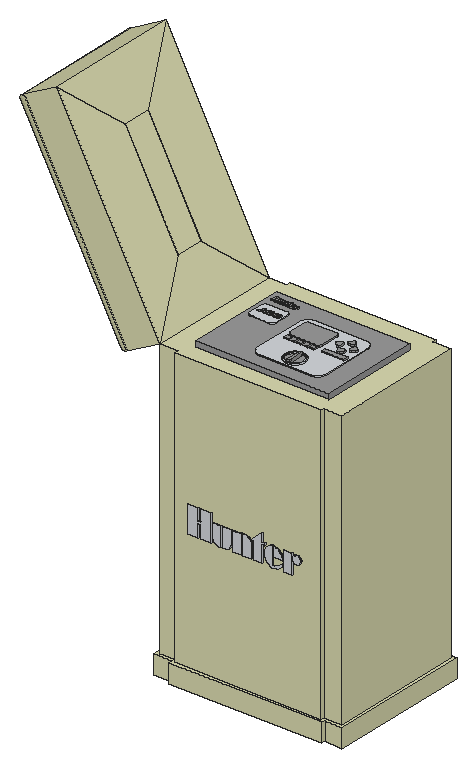
Revit family "HUNTER_ACC-1200 Plastic Pedestal", category Electrical Equipment, Revit 2017
Family settings
  Panel Configuration = One Column
  Round Connector Dimension = Use Diameter
  Part Type = Panelboard
  OmniClass Number = 23.35.25.21
  Work Plane-Based = Yes
  Always vertical = Yes
  Cut with Voids When Loaded = No
  Shared = Yes
  Room Calculation Point = No
Parameters (values of type "ACC-1200-PP")
  Up [instance] = no
  Type Image = <None>
  Transformer Output = "24VAC, 4.0A"  # constant formula
  Stations = "12 Stations base count expandable to 42 Stations"
  Sensor Input = "4 + Flow"  # constant formula
  Pump/Master Valve Contacts = "2, normally closed"  # constant formula
  Protection Rating = "IP24"
  Power = Current * Input Voltage  # 240 VA
  Pedestal_Width = 610 mm
  Voltage = ""
  URL = "https://www.hunterindustries.com/irrigation-product/controllers/acc"
  Type Comments = "Hunter's Flagship Controller"
  Power Factor = 1
  Pedestal_Height = 990 mm
  Pedestal Material = Hunter® Plastic
  Panel Type = "Modular"
  Panel Name [instance] = "ACC"
  Output Voltage = 24 V
  Number of Sensor Inputs = "4+ Dedicated Flow Input"
  built-in parameter 1140081 [instance] = "Pedestal"
  Model = "ACC-1200-PP / ACC-1800-PP / ACC- 2400-PP / ACC-3000-PP / ACC-3600-PP / ACC-4200-PP"
  Manufacturer = "Hunter® Industries"
  Keynote = "328423.04"
  Input Voltage = 120 V
  Expansion Module = "A2M-600 (6 Stations plug-in) Expansion Module"
  built-in parameter 1140083 [instance] = "Hunter® Plastic"
  Down [instance] = yes
  Description = "12-Station base unit , Pedestal mounted controller, expandable to 42 stations, with Plastic Pedestal"
  Pedestal_Depth = 430 mm
  Default Elevation = 1219.2 mm
  Decoders = "Expandable Up to 99 with Decoders"
  Current = if(Input Voltage = 120 V, 2 A, 1 A)  # 2 A
  Assembly Code = "D5090900"
Reference planes
  plane 1 "Center (Front/Back)": y = 0
  plane 2: z = 0
  plane 3 "Center (Left/Right)": x = 0
  plane 4: through (-235.898, -1524, 827.151) normal (-0.8829, 0, -0.4695)
  plane 5: z = 711.593
Forms (mm)
  Sweep 1, solid, material "Hunter® Plastic" <- "Pedestal Material"
    path origin (0, 0, 0) x (1, 0, 0) y (0, 1, 0)
      loop
        line (130.46, -58.5) -> (130.46, 75.5) -> (80.46, 75.5) -> (80.46, 85.5) -> (-80.46, 85.5) -> (-80.46, 75.5) -> (-130.46, 75.5) -> (-130.46, -58.5) -> (-80.46, -58.5) -> (-80.46, -68.5) -> (80.46, -68.5) -> (80.46, -58.5) -> (130.46, -58.5)
    profile origin (130.46, 8.5, 0) x (-1, 0, 0) y (0, 0, 1)
      loop
        line (-5, 0) -> (-5, 827.151) -> (-123.437, 827.151) -> (-123.437, 52.296) -> (-132.54, 52.296) -> (-132.54, 0) -> (-5, 0)
  Extrusion 2, solid, material "Hunter® Plastic" <- "Pedestal Material"
    sketch origin (0, 0, 0) x (1, 0, 0) y (0, 1, 0)
      loop
        line (-135.46, 80.5) -> (-135.46, -63.5) -> (135.46, -63.5) -> (135.46, 80.5) -> (-135.46, 80.5)
    from 0 to 827.151
  Sweep 3, solid, material "Hunter® Plastic" <- "Pedestal Material"
    path origin (-239.865, -1524, 834.612) x (0.469472, 0, -0.882948) y (0, -1, 0)
      loop
        line (0, -1342.063) -> (-615, -1342.063) -> (-615, -1722.937) -> (0, -1722.937) -> (0, -1342.063)
    profile origin (-239.865, 8.5, 834.612) x (0.469472, 0, -0.882948) y (-0.882948, 0, -0.469472)
      loop
        line (-9.532, 15.933) -> (0, 15.893) -> (-0.445, 122.638)
        arc (-0.445, 122.638) -> (-9.788, 144.931) -> (-32.157, 154.087) r 31.581
        arc (-32.157, 154.087) -> (-91.246, 158.953) -> (-150.445, 162.237) r 2216.443
        line (-150.445, 162.237) -> (-150.445, 16.52) -> (-9.532, 15.933)
  Extrusion 4, solid, material "Hunter® Plastic" <- "Pedestal Material"
    sketch origin (-235.898, -1524, 827.151) x (0.469472, 0, -0.882948) y (0, -1, 0)
      loop
        line (-473.006, -1572.493) -> (-158.895, -1572.493) -> (-158.895, -1492.507) -> (-473.006, -1492.507) -> (-473.006, -1572.493)
    from 16.52 to 162.237
  Extrusion 5, void
    sketch origin (0, 0, 0) x (1, 0, 0) y (0, 1, 0)
      loop
        line (-187, 141.9) -> (-187, -141.9) -> (187, -141.9) -> (187, 141.9) -> (-187, 141.9)
    from 52.296 to 776.499
  Extrusion 6, solid
    sketch origin (0, 0, 0) x (1, 0, 0) y (0, 1, 0)
      loop
        circle (-152, 0) r 12.5
      loop
        circle (-102, 0) r 12.5
      loop
        circle (-52, 0) r 12.5
      loop
        circle (48, 0) r 25
      loop
        circle (148, 0) r 25
    from -30.64 to 52.296
  Extrusion 7, solid
    sketch origin (-454.795, -191.937, -44.313) x (1, 0, 0) y (0, 0, 1)
      loop
        line (287.795, 431.184) -> (317.042, 431.184) -> (317.042, 468.392) -> (323.563, 468.392) -> (323.563, 431.184) -> (352.836, 431.184) -> (352.836, 506.733) -> (323.563, 506.733) -> (323.563, 475.9) -> (317.042, 475.9) -> (317.042, 506.733) -> (287.795, 506.733) -> (287.795, 431.184)
      loop
        arc (358.027, 446.805) -> (363.389, 435.731) -> (374.846, 431.244) r 16.869
        line (374.846, 431.244) -> (381.433, 431.244) -> (381.433, 485.207) -> (358.027, 485.207) -> (358.027, 446.805)
      loop
        arc (393.106, 431.244) -> (404.549, 435.733) -> (409.888, 446.805) r 16.83
        line (409.888, 446.805) -> (409.888, 485.207) -> (386.456, 485.207) -> (386.456, 431.244) -> (393.106, 431.244)
      loop
        line (414.745, 431.252) -> (438.15, 431.252) -> (438.15, 485.41) -> (414.745, 485.41) -> (414.745, 431.252)
      loop
        arc (466.965, 469.457) -> (461.315, 480.683) -> (449.59, 485.207) r 17.459
        line (449.59, 485.207) -> (443.111, 485.207) -> (443.111, 431.244) -> (466.965, 431.244) -> (466.965, 469.457)
      loop
        line (472.446, 431.244) -> (495.112, 431.244) -> (495.112, 478.84) -> (504.469, 478.84) -> (504.469, 484.617) -> (495.112, 484.617) -> (495.112, 506.657) -> (464.138, 478.84) -> (472.446, 478.84) -> (472.446, 431.244)
      loop
        arc (553.82, 458.055) -> (546.129, 476.342) -> (528.77, 485.948) r 30.293
        line (528.77, 485.948) -> (528.77, 458.055) -> (553.82, 458.055)
      loop
        arc (524.922, 486.253) -> (502.826, 459.067) -> (523.721, 430.948) r 28.542
        arc (523.721, 430.948) -> (539.667, 432.965) -> (553.043, 441.876) r 35.111
        line (553.043, 441.876) -> (553.043, 449.014)
        arc (553.043, 449.014) -> (540.053, 440.582) -> (524.922, 437.287) r 43.098
        line (524.922, 437.287) -> (524.922, 486.253)
      loop
        line (557.059, 431.252) -> (580.26, 431.252) -> (580.26, 485.41) -> (557.059, 485.41) -> (557.059, 431.252)
      loop
        circle (593.038, 473.25) r 11.492
    from 0 to 2
Cuts and joins
  Extrusion 5 cuts Sweep 1
  Extrusion 5 cuts Extrusion 2
Dimensions and locks
  aligned and locked: level to plane 2
  aligned and locked: Extrusion 2 sketch curve to Sweep 1  (x4)
  aligned and locked: Sweep 1 to Extrusion 2
  aligned and locked: Extrusion 5 sketch curve to nested 1  (x4)
Nested families
  nested 1: "Console" at (0, 0, 711.593), type "Console"
    with built-in parameter 1140081 "Wall", Max #1 Pole Breakers 0
  nested 2: "HUNTER ACC SYMBOL" at (0, -10, 0), visible <- "Up", type "SYMBOL"
    with ACC2 no, ACC yes
  nested 3: "HUNTER ACC SYMBOL" at (0, 80, 0), visible <- "Down", type "SYMBOL"
    with ACC2 no, ACC yes
Connectors
  cabletrayconduit at (-152, 0, -30.64), diameter 25
    settings: on Extrusion 6, index 2, connector width 300 mm, connector height 300 mm, connector angle 0.00°, system type 32, placement type 0, profile type 0, connector reference index -1, is primary connector yes, connector utility param no, connector description ""
  cabletrayconduit at (-102, 0, -30.64), diameter 25
    settings: on Extrusion 6, index 3, connector width 300 mm, connector height 300 mm, connector angle 0.00°, system type 32, placement type 0, profile type 0, connector reference index -1, is primary connector no, connector utility param no, connector description ""
  cabletrayconduit at (-52, 0, -30.64), diameter 25
    settings: on Extrusion 6, index 4, connector width 300 mm, connector height 300 mm, connector angle 0.00°, system type 32, placement type 0, profile type 0, connector reference index -1, is primary connector no, connector utility param no, connector description ""
  cabletrayconduit at (48, 0, -30.64), diameter 50
    settings: on Extrusion 6, index 5, connector width 300 mm, connector height 300 mm, connector angle 0.00°, system type 32, placement type 0, profile type 0, connector reference index -1, is primary connector no, connector utility param no, connector description ""
  cabletrayconduit at (148, 0, -30.64), diameter 50
    settings: on Extrusion 6, index 6, connector width 300 mm, connector height 300 mm, connector angle 0.00°, system type 32, placement type 0, profile type 0, connector reference index -1, is primary connector no, connector utility param no, connector description ""
  electrical at (-152, 0, -30.64), driven by "Output Voltage", driven by "Power", driven by "Power Factor"
    settings: on Extrusion 6, index 7, voltage 24 V, apparent load 240 VA, apparent load phase1 0 VA, apparent load phase2 0 VA, apparent load phase3 0 VA, power factor 1, load classification "Power", number of poles 1, system type 30, power factor state 1, is connector primary yes, connector utility no, sub classification motor no, connector description ""
  electrical at (-102, 0, -30.64)
    settings: on Extrusion 6, index 8, voltage 0 V, apparent load 0 VA, apparent load phase1 0 VA, apparent load phase2 0 VA, apparent load phase3 0 VA, power factor 1, load classification "Other", number of poles 1, system type 14, power factor state 1, is connector primary no, connector utility no, sub classification motor no, connector description "Flow"
  electrical at (-52, 0, -30.64)
    settings: on Extrusion 6, index 9, voltage 0 V, apparent load 0 VA, apparent load phase1 0 VA, apparent load phase2 0 VA, apparent load phase3 0 VA, power factor 1, load classification "Other", number of poles 1, system type 14, power factor state 1, is connector primary no, connector utility no, sub classification motor no, connector description "RC Sensor"
  electrical at (48, 0, -30.64), driven by "Output Voltage"
    settings: on Extrusion 6, index 10, voltage 24 V, apparent load 7.68 VA, apparent load phase1 0 VA, apparent load phase2 0 VA, apparent load phase3 0 VA, power factor 1, load classification "Other", number of poles 1, system type 30, power factor state 1, is connector primary no, connector utility no, sub classification motor no, connector description "P/M1"
  electrical at (148, 0, -30.64), driven by "Output Voltage"
    settings: on Extrusion 6, index 11, voltage 24 V, apparent load 7.68 VA, apparent load phase1 0 VA, apparent load phase2 0 VA, apparent load phase3 0 VA, power factor 1, load classification "Other", number of poles 1, system type 30, power factor state 1, is connector primary no, connector utility no, sub classification motor no, connector description "P/M2"
Definition of nested family "Console"
  Parameters (values of type "ACC-1200")
    Width = 394 mm
    Voltage = "120"
    URL = "https://www.hunterindustries.com/irrigation-product/controllers/acc"
    Type Comments = "Hunter's Flagship Controller"
    Transformer Output = 24 V
    Transformer Input = 120 V
    Sensor Inputs = "4 + Flow"
    Pump/Master Valve Contacts = "2, normally closed"
    Protection Rating = "IP56"
    Power factor = 1
    Power = Current * Transformer Input  # 240 VA
    built-in parameter 1140081 [instance] = "Wall"
    Model = "ACC-1200"
    Max #1 Pole Breakers [instance] = 0
    Material = none
    Manufacturer = "Hunter® Industries"
    Height = 303.8 mm
    Description = "12-Station base unit controller, expands to 42 stations, metal cabinet"
    Depth = 178 mm
    Default Elevation = 1200 mm
    Current = if(Transformer Input = 120 V, 2 A, 1 A)  # 2 A
    Controller = none
    Assembly Code = "D5090900"
  Reference planes
    plane 1 "Center (Front/Back)": y = 0
    plane 2: z = 0
    plane 3 "Center (Left/Right)": x = 0
  Forms (mm)
    Extrusion 1, solid
      sketch origin (0, 0, 0) x (1, 0, 0) y (0, 1, 0)
        loop
          line (-1219.2, 1219.2) -> (-1219.2, -1219.2) -> (1219.2, -1219.2) -> (1219.2, 1219.2) -> (-1219.2, 1219.2)
      from 0 to -304.8
    Extrusion 2, solid, material <- "Material"
      sketch origin (0, 0, 178) x (1, 0, 0) y (0, 1, 0)
        loop
          line (187, 141.9) -> (-187, 141.9) -> (-187, -141.9) -> (187, -141.9) -> (187, 141.9)
      from -113.095 to -49.145
    Extrusion 3, solid, material <- "Controller"
      sketch origin (-24.528, 15.224, 128.855) x (1, 0, 0) y (0, 1, 0)
        loop
          line (-148.162, 89.318) -> (-141.618, 89.318) -> (-141.618, 97.641) -> (-140.16, 97.641) -> (-140.16, 89.318) -> (-133.615, 89.318) -> (-133.615, 106.217) -> (-140.16, 106.217) -> (-140.16, 99.319) -> (-141.622, 99.319) -> (-141.622, 106.217) -> (-148.162, 106.217) -> (-148.162, 89.318)
        loop
          line (-132.455, 101.397) -> (-132.455, 92.81)
          arc (-132.455, 92.81) -> (-131.29, 90.203) -> (-128.571, 89.331) r 3.5
          line (-128.571, 89.331) -> (-127.217, 89.331) -> (-127.217, 101.397) -> (-132.455, 101.397)
        loop
          line (-126.091, 89.331) -> (-124.728, 89.331)
          arc (-124.728, 89.331) -> (-122.015, 90.208) -> (-120.854, 92.812) r 3.501
          line (-120.854, 92.812) -> (-120.854, 101.397) -> (-126.091, 101.397) -> (-126.091, 89.331)
        loop
          line (-119.768, 101.444) -> (-119.768, 89.334) -> (-114.533, 89.334) -> (-114.533, 101.444) -> (-119.768, 101.444)
        loop
          line (-113.423, 89.331) -> (-108.087, 89.331) -> (-108.087, 97.879)
          arc (-108.087, 97.879) -> (-109.369, 100.389) -> (-112, 101.397) r 3.935
          line (-112, 101.397) -> (-113.423, 101.397) -> (-113.423, 89.331)
        loop
          line (-108.72, 99.974) -> (-106.862, 99.974) -> (-106.862, 89.331) -> (-101.793, 89.331) -> (-101.793, 99.974) -> (-99.698, 99.974) -> (-99.698, 101.268) -> (-101.793, 101.268) -> (-101.793, 106.2) -> (-108.72, 99.974)
        loop
          line (-95.122, 90.685) -> (-95.122, 101.566)
          arc (-95.122, 101.566) -> (-101.238, 95.449) -> (-95.122, 89.333) r 6.116
          arc (-95.122, 89.333) -> (-91.698, 89.938) -> (-88.69, 91.68) r 9.987
          line (-88.69, 91.68) -> (-88.69, 93.167)
          arc (-88.69, 93.167) -> (-91.615, 91.173) -> (-95.122, 90.685) r 7.764
        loop
          arc (-88.69, 95.33) -> (-89.997, 99.76) -> (-94.263, 101.532) r 5.364
          line (-94.263, 101.532) -> (-94.263, 95.33) -> (-88.69, 95.33)
        loop
          line (-87.937, 89.333) -> (-82.745, 89.333) -> (-82.745, 101.443) -> (-87.937, 101.443) -> (-87.937, 89.333)
        loop
          circle (-79.797, 98.723) r 2.319
        loop
          line (-142.778, 34.224) -> (-138.041, 34.224) -> (-136.8, 36.669) -> (-128.206, 36.669) -> (-126.888, 34.224) -> (-122.171, 34.224) -> (-126.982, 42.979) -> (-131.614, 42.979) -> (-129.791, 39.648) -> (-135.215, 39.648) -> (-132.546, 44.684) -> (-127.921, 44.684) -> (-129.772, 48.051) -> (-135.291, 48.051) -> (-142.778, 34.224)
        loop
          line (-120.845, 44.68) -> (-113.96, 44.652) -> (-109.338, 44.652)
          arc (-109.338, 44.652) -> (-108.26, 44.434) -> (-107.352, 43.816) r 2.777
          line (-107.352, 43.816) -> (-107.352, 42.99) -> (-103.111, 42.99)
          arc (-103.111, 42.99) -> (-105.14, 46.176) -> (-108.325, 48.204) r 8.713
          line (-108.325, 48.204) -> (-115.621, 48.204)
          arc (-115.621, 48.204) -> (-118.75, 47.208) -> (-120.845, 44.68) r 5.836
        loop
          line (-120.969, 42.998) -> (-120.969, 38.552)
          arc (-120.969, 38.552) -> (-118.657, 35.312) -> (-114.876, 34.072) r 6.382
          line (-114.876, 34.072) -> (-108.039, 34.072)
          arc (-108.039, 34.072) -> (-104.932, 35.047) -> (-102.94, 37.624) r 5.437
          line (-102.94, 37.624) -> (-102.94, 39.534) -> (-107.18, 39.534)
          arc (-107.18, 39.534) -> (-107.236, 38.329) -> (-108.214, 37.624) r 1.386
          line (-108.214, 37.624) -> (-109.663, 37.624) -> (-114.188, 37.624)
          arc (-114.188, 37.624) -> (-115.904, 38.334) -> (-116.614, 40.05) r 2.426
          line (-116.614, 40.05) -> (-116.614, 42.998) -> (-120.969, 42.998)
        loop
          line (-100.506, 44.68) -> (-93.621, 44.652) -> (-88.999, 44.652)
          arc (-88.999, 44.652) -> (-87.922, 44.434) -> (-87.013, 43.816) r 2.777
          line (-87.013, 43.816) -> (-87.013, 42.99) -> (-82.773, 42.99)
          arc (-82.773, 42.99) -> (-84.801, 46.176) -> (-87.986, 48.204) r 8.713
          line (-87.986, 48.204) -> (-95.283, 48.204)
          arc (-95.283, 48.204) -> (-98.411, 47.208) -> (-100.506, 44.68) r 5.836
        loop
          line (-100.63, 42.998) -> (-100.63, 38.552)
          arc (-100.63, 38.552) -> (-98.319, 35.312) -> (-94.538, 34.072) r 6.382
          line (-94.538, 34.072) -> (-87.701, 34.072)
          arc (-87.701, 34.072) -> (-84.593, 35.047) -> (-82.601, 37.624) r 5.437
          line (-82.601, 37.624) -> (-82.601, 39.534) -> (-86.841, 39.534)
          arc (-86.841, 39.534) -> (-86.897, 38.329) -> (-87.875, 37.624) r 1.386
          line (-87.875, 37.624) -> (-89.324, 37.624) -> (-93.85, 37.624)
          arc (-93.85, 37.624) -> (-95.565, 38.334) -> (-96.276, 40.05) r 2.426
          line (-96.276, 40.05) -> (-96.276, 42.998) -> (-100.63, 42.998)
      from 0 to 2
    Extrusion 4, solid
      sketch origin (-24.528, 15.224, 128.855) x (1, 0, 0) y (0, 1, 0)
        loop
          arc (-138.044, 68.245) -> (-145.566, 65.13) -> (-148.682, 57.607) r 10.638
          line (-148.682, 57.607) -> (-148.682, 17.081)
          arc (-148.682, 17.081) -> (-145.566, 9.558) -> (-138.044, 6.442) r 10.638
          line (-138.044, 6.442) -> (-87.386, 6.442)
          arc (-87.386, 6.442) -> (-79.863, 9.558) -> (-76.747, 17.081) r 10.638
          line (-76.747, 17.081) -> (-76.747, 57.607)
          arc (-76.747, 57.607) -> (-79.863, 65.13) -> (-87.386, 68.245) r 10.638
          line (-87.386, 68.245) -> (-138.044, 68.245)
      from 0 to 1
    Extrusion 5, solid
      sketch origin (0, 0, 128.855) x (1, 0, 0) y (0, 1, 0)
        loop
          line (104.32, 90.535) -> (-37.31, 90.535)
          arc (-37.31, 90.535) -> (-54.987, 83.213) -> (-62.31, 65.535) r 25
          line (-62.31, 65.535) -> (-62.31, -78.628)
          arc (-62.31, -78.628) -> (-54.987, -96.305) -> (-37.31, -103.628) r 25
          line (-37.31, -103.628) -> (104.32, -103.628)
          arc (104.32, -103.628) -> (121.998, -96.305) -> (129.32, -78.628) r 25
          line (129.32, -78.628) -> (129.32, 65.535)
          arc (129.32, 65.535) -> (121.998, 83.213) -> (104.32, 90.535) r 25
      from 0 to 1
    Extrusion 6, solid
      sketch origin (-2.206, -24.27, 128.855) x (1, 0, 0) y (0, 1, 0)
        loop
          circle (33.505, -42.64) r 27.961
      from 0 to 3
    Extrusion 7, void
      sketch origin (-2.206, -24.27, 128.855) x (0, 1, 0) y (1, 0, 0)
        loop
          circle (-42.64, 33.505) r 25.523
      from -10 to 0
    Extrusion 8, solid, material <- "Controller"
      sketch origin (12.815, -39.437, 128.855) x (1, 0, 0) y (0, 1, 0)
        loop
          line (23.692, -49.283) -> (20.994, -6.523)
          arc (20.994, -6.523) -> (20.578, -5.333) -> (19.604, -4.533) r 2.333
          arc (19.604, -4.533) -> (18.505, -4.516) -> (17.406, -4.533) r 34.018
          arc (17.406, -4.533) -> (16.432, -5.333) -> (16.016, -6.523) r 2.333
          line (16.016, -6.523) -> (13.315, -49.332)
          arc (13.315, -49.332) -> (13.679, -50.344) -> (14.666, -50.771) r 1.354
          line (14.666, -50.771) -> (22.295, -50.771)
          arc (22.295, -50.771) -> (23.315, -50.329) -> (23.692, -49.283) r 1.4
      from 0 to 8
    Extrusion 9, solid, material <- "Controller"
      sketch origin (-19.891, -5.491, 128.855) x (1, 0, 0) y (0, 1, 0)
        loop
          line (-11.518, 8.565) -> (-25.109, 8.565) -> (-25.109, -4.509) -> (-11.518, -4.509) -> (-11.518, 8.565)
        loop
          line (6.372, 8.565) -> (-7.219, 8.565) -> (-7.219, -4.509) -> (6.372, -4.509) -> (6.372, 8.565)
        loop
          line (23.555, 8.565) -> (9.963, 8.565) -> (9.963, -4.509) -> (23.555, -4.509) -> (23.555, 8.565)
        loop
          line (42.158, 8.565) -> (28.567, 8.565) -> (28.567, -4.509) -> (42.158, -4.509) -> (42.158, 8.565)
        loop
          line (59.599, 8.565) -> (46.008, 8.565) -> (46.008, -4.509) -> (59.599, -4.509) -> (59.599, 8.565)
        loop
          line (54.158, 80.576) -> (-20.162, 80.576)
          arc (-20.162, 80.576) -> (-25.516, 78.358) -> (-27.734, 73.003) r 7.573
          line (-27.734, 73.003) -> (-27.734, 20.841)
          arc (-27.734, 20.841) -> (-25.442, 15.308) -> (-19.909, 13.016) r 7.826
          line (-19.909, 13.016) -> (57.266, 13.016)
          arc (57.266, 13.016) -> (60.801, 14.48) -> (62.266, 18.016) r 5
          line (62.266, 18.016) -> (62.266, 72.468)
          arc (62.266, 72.468) -> (59.891, 78.201) -> (54.158, 80.576) r 8.108
        loop
          line (140.703, 11.382) -> (77.38, 11.382) -> (77.38, -1.283) -> (140.703, -1.283) -> (140.703, 11.382)
        loop
          line (112.331, 17.971) -> (118.627, 26.325)
          arc (118.627, 26.325) -> (119.463, 28.825) -> (118.627, 31.325) r 4.154
          arc (118.627, 31.325) -> (109.322, 34.618) -> (100.017, 31.325) r 14.792
          arc (100.017, 31.325) -> (99.181, 28.825) -> (100.017, 26.325) r 4.154
          line (100.017, 26.325) -> (106.313, 17.971)
          arc (106.313, 17.971) -> (109.322, 16.47) -> (112.331, 17.971) r 3.768
        loop
          arc (112.331, 75.967) -> (109.322, 77.468) -> (106.313, 75.967) r 3.768
          line (106.313, 75.967) -> (100.017, 67.613)
          arc (100.017, 67.613) -> (99.181, 65.113) -> (100.017, 62.613) r 4.154
          arc (100.017, 62.613) -> (109.322, 59.32) -> (118.627, 62.613) r 14.792
          arc (118.627, 62.613) -> (119.463, 65.113) -> (118.627, 67.613) r 4.154
          line (118.627, 67.613) -> (112.331, 75.967)
        loop
          arc (138.321, 43.96) -> (139.821, 46.969) -> (138.321, 49.978) r 3.768
          line (138.321, 49.978) -> (129.966, 56.274)
          arc (129.966, 56.274) -> (127.466, 57.11) -> (124.966, 56.274) r 4.154
          arc (124.966, 56.274) -> (121.673, 46.969) -> (124.966, 37.664) r 14.792
          arc (124.966, 37.664) -> (127.466, 36.828) -> (129.966, 37.664) r 4.154
          line (129.966, 37.664) -> (138.321, 43.96)
        loop
          line (80.324, 43.96) -> (88.678, 37.664)
          arc (88.678, 37.664) -> (91.178, 36.828) -> (93.678, 37.664) r 4.154
          arc (93.678, 37.664) -> (96.971, 46.969) -> (93.678, 56.274) r 14.792
          arc (93.678, 56.274) -> (91.178, 57.11) -> (88.678, 56.274) r 4.154
          line (88.678, 56.274) -> (80.324, 49.978)
          arc (80.324, 49.978) -> (78.823, 46.969) -> (80.324, 43.96) r 3.768
      from 0 to 3
  Cuts and joins
    Extrusion 7 cuts Extrusion 2
    Extrusion 7 cuts Extrusion 5
    Extrusion 7 cuts Extrusion 6
  Dimensions and locks
    aligned and locked: plane 2 to Extrusion 1
    aligned and locked: level to Extrusion 1
Definition of nested family "HUNTER ACC SYMBOL"
  Parameters (values of type "SYMBOL")
    ACC2-DECODER = no
    ACC2 = yes
    ACC-99D = no
    ACC = no
  Reference planes
    plane 1 "Center (Front/Back)": y = 0
    plane 2: z = 0
    plane 3 "Center (Left/Right)": x = 0
  Lines and regions (mm)
    detail lines, in view "Ref. Level"
      curve 1: line (155.885, -90, 0) -> (0, 180, 0)
      curve 2: line (0, 180, 0) -> (-155.885, -90, 0)
      curve 3: line (-155.885, -90, 0) -> (155.885, -90, 0)
